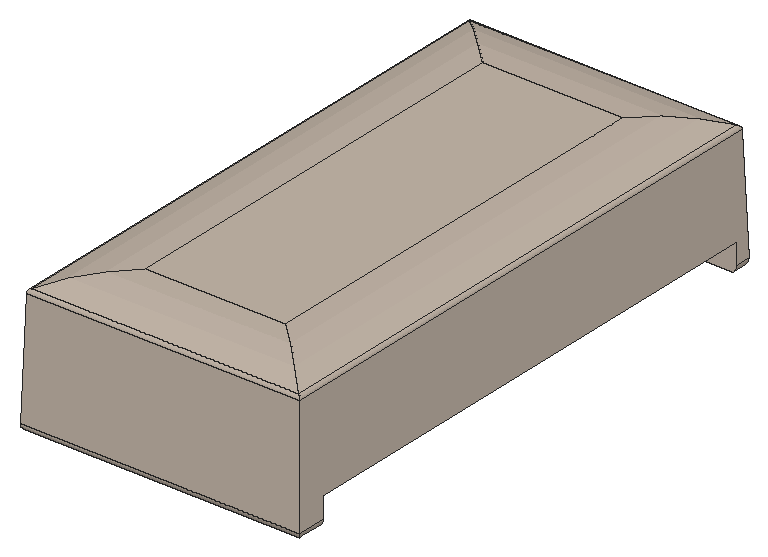
Revit family "FU_Modular_Sandler_Escala_ESC0230TA", category Furniture, Revit 2020
Family settings
  OmniClass Number = 23.40.20.00
  OmniClass Title = General Furniture and Specialties
  Work Plane-Based = No
  Always vertical = Yes
  Cut with Voids When Loaded = No
  Shared = No
  Room Calculation Point = No
Parameters (values of type "Escalas 0230TA")
  Width = 400 mm  # constant formula
  Upholstery [instance] = Fabric - Gravity - Wheat CPC21
  URL = "https://www.sandlerseating.com/product/esc0230ta/"
  Seat Height = 420 mm  # constant formula
  Seat Elevation = 220 mm  # constant formula
  Model = "Escalas 0230TA"
  Manufacturer = "Sandler"
  Description = "Upholstered 40cm central seat.\r\n\r\n20cm x 40 cm x 80cm (measurement without base)"
  Depth = 800 mm  # constant formula
  Default Elevation = 0 mm
Reference planes
  plane 1 "Center (Front/Back)": y = 0
  plane 2: z = 0
  plane 3 "Center (Left/Right)": x = 0
  plane 4 "Right": x = -200
  plane 5 "Left": x = 200
  plane 6 "Front": y = -400
  plane 7 "Back": y = 400
  plane 8 "Elevation": z = 220
  plane 9 "Seat height": z = 420
  plane 10: x = -180
  plane 11: x = 180
  plane 12: y = -380
  plane 13: y = 380
  plane 14: z = 380
Forms (mm)
  Extrusion 1, solid, material "Fabric - Gravity - Wheat CPC21" <- "Upholstery"
    sketch origin (0, 0, 0) x (1, 0, 0) y (0, 0, 1)
      loop
        line (-180, 380) -> (-180, 220) -> (180, 220) -> (180, 380) -> (-180, 380)
    from -380 to 380
  Sweep 2, solid, material "Fabric - Gravity - Wheat CPC21" <- "Upholstery"
    path in 3D
      loop
        line (-180, 380, 380) -> (180, 380, 380) -> (180, -380, 380) -> (-180, -380, 380) -> (-180, 380, 380)
    profile origin (-180, 0, 380) x (-1, 0, 0) y (0, 0, 1)
      loop
        line (-80, 0) -> (-0.012, 0) -> (-0.012, -160) -> (9.996, -160)
        arc (9.996, -160) -> (17.061, -157.077) -> (19.996, -150.017) r 10
        arc (19.996, -150.017) -> (18.876, -67.074) -> (15.228, 15.797) r 2720.729
        arc (15.228, 15.797) -> (13.957, 19.538) -> (10.951, 22.104) r 7.452
        arc (10.951, 22.104) -> (-33.427, 36.627) -> (-80, 40) r 191.86
        line (-80, 40) -> (-80, 0)
  Extrusion 3, solid, material "Fabric - Gravity - Wheat CPC21" <- "Upholstery"
    sketch origin (0, 0, 0) x (1, 0, 0) y (0, 0, 1)
      loop
        line (-100, 380) -> (100, 380) -> (100, 420) -> (-100, 420) -> (-100, 380)
    from -300 to 300
  Extrusion 4, void
    sketch origin (-3.778, 9.906, 0) x (0, 1, 0) y (0, 0, 1)
      loop
        line (-370, 220) -> (370, 220) -> (370, 261) -> (-370, 261) -> (-370, 220)
    from -370 to 405
Cuts and joins
  Extrusion 4 cuts Extrusion 1
  Extrusion 4 cuts Sweep 2
  Extrusion 4 cuts Extrusion 3
  joined: Extrusion 1, Sweep 2, Extrusion 3
Lines and regions (mm)
  sketch lines
    curve 1: line (-180, -380, 380) -> (-180, 380, 380)
    curve 2: line (180, -380, 380) -> (-180, -380, 380)
    curve 3: line (180, -380, 380) -> (180, 380, 380)
    curve 4: line (-180, 380, 380) -> (180, 380, 380)
Dimensions and locks
  equal spacing: plane 4 "Right", plane 3 "Center (Left/Right)", plane 5 "Left"
  "Width": plane 4 "Right" to plane 5 "Left"
  equal spacing: plane 7 "Back", plane 1 "Center (Front/Back)", plane 6 "Front"
  "Depth": plane 7 "Back" to plane 6 "Front"
  "Seat Height": plane 9 "Seat height" to level
  "Seat Elevation": plane 8 "Elevation" to level
  locked: plane 12 to plane 6 "Front" at 20
  locked: plane 4 "Right" to plane 10 at 20
  locked: plane 11 to plane 5 "Left" at 20
  locked: plane 7 "Back" to plane 13 at 20
  aligned and locked: level to plane 2
  aligned and locked: plane 13 to Extrusion 1
  aligned and locked: Extrusion 1 to plane 10
  aligned and locked: Extrusion 1 to plane 12
  aligned and locked: Extrusion 1 to plane 11
  aligned and locked: plane 14 to Extrusion 1
  aligned and locked: plane 9 "Seat height" to Extrusion 3
Automatic sketch dimensions
  Extrusion 1 sketch curve to plane 8 "Elevation" = 0 mm
  Extrusion 1 sketch curve to plane 10 = 0 mm
  plane 11 to Extrusion 1 sketch curve = 0 mm
  Extrusion 1 sketch curve to plane 9 "Seat height" = 40 mm
  Extrusion 3 sketch curve to plane 14 = 0 mm
  Extrusion 3 sketch curve to plane 9 "Seat height" = 0 mm
  plane 10 to Extrusion 3 sketch curve = 80 mm
  plane 11 to Extrusion 3 sketch curve = 80 mm
  Sweep 2 sketch curve to profile plane = 0 mm
  Sweep 2 sketch curve to profile plane = 145.274 mm
  profile plane to Sweep 2 sketch curve = 2700.729 mm
  profile plane to Sweep 2 sketch curve = 80 mm
  profile plane to Sweep 2 sketch curve = 70.469 mm
  profile plane to Sweep 2 sketch curve = 0.012 mm
  Sweep 2 sketch curve to profile plane = 7.789 mm
  Sweep 2 sketch curve to profile plane = 9.996 mm
  Sweep 2 sketch curve to profile plane = 150 mm
  Sweep 2 sketch curve to Sweep 2 sketch curve = 1.623 mm
  Sweep 2 sketch curve to Sweep 2 sketch curve = 10 mm
  profile plane to Sweep 2 sketch curve = 15.356 mm
  profile plane to Sweep 2 sketch curve = 40 mm
  Sweep 2 sketch curve to Sweep 2 sketch curve = 0 mm  (x2)
  Extrusion 4 sketch curve to plane 8 "Elevation" = 0 mm
  plane 12 to Extrusion 4 sketch curve = 19.906 mm
  Extrusion 4 sketch curve to plane 13 = 0.094 mm
  plane 8 "Elevation" to Extrusion 4 sketch curve = 41 mm
